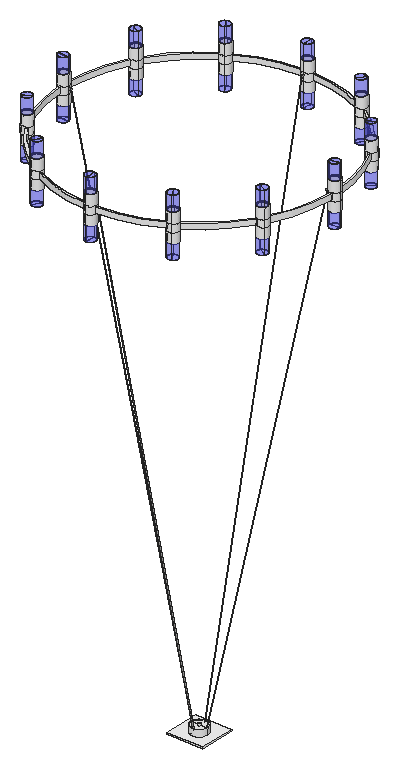
Revit family "BE_50882.1_de_DE", category Leuchten, Revit 2020
Family settings
  Basisbauteil = Fläche
  Bemaßung runder Anschluss = Durchmesser verwenden
  Teiletyp = Normal
  Beim Laden mit Abzugskörper schneiden = Ja
  Lichtquelle = Ja
  Gemeinsam genutzt = Nein
  Raumberechnungspunkt = Ja
Parameters (values of type "BEGA_50882.1_K4")
  built-in parameter 1150104 = 7.3115 (stored number, unit not read)
  Wattage = 388.8 W
  Default Elevation = 0 mm
  built-in parameter 1150113 = 1 (stored number, unit not read)
  built-in parameter 1114218 = 1 (stored number, unit not read)
  Umgebungstemperatur = "25 °C"
  URL = "https://www.bega.com/de/produkt/50882.1"
  Typenkommentare = "© 2022 BEGA. Wir behalten uns das Recht vor, technische Änderungen ohne vorherige Ankündigung vorzunehmen."  # constant formula
  built-in parameter 1150134 = 12
  built-in parameter 1150109 = 1 (stored number, unit not read)
  Strom = ""
  built-in parameter 1150110 = 1 (stored number, unit not read)
  Spannung = 239.996 V
  Sonderanfertigung = no
  Seriennummer [instance] = "Hier können Sie die eindeutige Seriennummer für das Facility Management eintragen."
  Schutzklasse = "I"
  Schutzart = "IP 20"
  Scheinlast = 0 VA
  Produktdatenblatt = "https://cdn.bega.com/bega/products/50882.1K3/current/documents/data-sheets/de"
  Oberflächentemperatur = ""
  Neigungswinkel = 0.00°
  Modell = "50882.1K4"
  Material_34 = BEGA_Oberfläche_Samtweiss_matt
  Material_17 = BEGA_Reflektor
  Material_15 = BEGA_Leuchtmedium_matt
  Material_11 = BEGA_Glas_opal
  Material_09 = BEGA_Glas_klar
  Material_06 = BEGA_Oberfläche_Edelstahl_gebürstet
  Material_03 = BEGA_Oberfläche_Weiss_matt
  Material_02 = BEGA_Oberfläche_Silber_matt
  Material_01 [instance] = BEGA_Oberfläche_Grafit_matt
  M_W = no
  M_G = no
  M_A = no
  Logo = 0
  built-in parameter 1114217 = 1 (stored number, unit not read)
  built-in parameter 1150139 = (empty or 0)
  built-in parameter 1150105 = 2435 (stored number, unit not read)
  built-in parameter 1150114 = 1 (stored number, unit not read)
  Lumens = 30598.6 lm
  built-in parameter 1150115 = 1 (stored number, unit not read)
  Leuchtenlichtstrom = "19380 lm"
  Leuchtenanzahl = ""
  Lebensdauerkriterien = "L70B50 @ 25 °C = 195000 h"
  Lastklassifizierung = Beleuchtung
  built-in parameter 1150112 = 1 (stored number, unit not read)
  Lampenlichtstrom = "30600 lm"
  Lampe = "LED 388.8 W"
  LED_Modulbezeichnung = "24x LED-0800/970"
  Hersteller = "BEGA"  # constant formula
  Halbstreuwinkel = ""
  Gewicht = "57.0 kg"
  Gebrauchslageneinschränkung [instance] = ""
  Frequenz = "50-60 Hz"
  Farbwiedergabeindex = "CRI > 90"
  Farbtemperaturverschiebung bei Dämpfen der Lampe = <Keine Auswahl>
  Farbtemperatur = "4000 K"
  Color Filter = 16777215
  built-in parameter 1150133 = 10 (stored number, unit not read)
  Energieeffizienzklasse = "LED A++ - A"
  built-in parameter 1150137 = (empty or 0)
  built-in parameter 1150132 = (empty or 0)
  ENEC = "ja"
  Dimmbar [instance] = "DALI"
  Datei für fotometrisches Netz = "BE_50882.1K4.IES"
  CE_Konformität = "ja"
  Bestellnummer = "50882.1K4"
  Beschreibung_Sonderanfertigung = "Hier können Sie Informationen zur Sonderanfertigung eintragen."
  Beschreibung = "Ringkrone"
  built-in parameter 1150106 = 24.35 (stored number, unit not read)
  Befestigungsbohrung = ""
  Befestigungsabstand = ""
  Ballwurfsicher = ""
  BEGA_Intern_aus = yes
  BEGA_Intern_an = yes
  BEGA_Intern_Konstruktion = yes
  BEGA_Intern = yes
  BEGA_IES = yes
  BEGA_Dummy = no
  Anschlussleitung = ""
  Anschlussleistung [instance] = "240 W"
  Anschlusskasten = ""
  built-in parameter 1150107 = 4000 (stored number, unit not read)
  built-in parameter 1150102 = (empty or 0)
  built-in parameter 1150138 = (empty or 0)
  Aktualisierung = "2022-05-19T04:00:07"
  Abstand_zur_angestrahlten_Fläche [instance] = ""
  AC/DC = "AC"
Reference planes
  plane 1 "Mitte (Vorne/Hinten)": y = 0
  plane 2: z = 0
  plane 3 "Mitte (Links/Rechts)": x = 0
  plane 4 "Links": x = -1549.75
  plane 5 "Rechts": x = 1549.75
  plane 6 "Unten": y = -1549.75
  plane 7 "Oben": y = 1549.75
  plane 8 "Vorne": z = 6126.179
  plane 9 "Hinten": z = 0
Forms (mm)
  Extrusion 1, solid, material "BEGA_Platte_Weiss"
    sketch origin (0, -1119.2, 0) x (1, 0, 0) y (0, 1, 0)
      loop
        line (-200, 1319.2) -> (-200, 919.2) -> (200, 919.2) -> (200, 1319.2) -> (-200, 1319.2)
    from 0 to -10
  Extrusion 2, solid, material "BEGA_Dummy_matt", visible <- "BEGA_Dummy"
    sketch origin (77.149, -76.023, 0) x (1, 0, 0) y (0, 1, 0)
      loop
        circle (-77.149, 76.023) r 1550
    from 0 to 6126.179
Dimensions and locks
  plane 1 "Mitte (Vorne/Hinten)" to Extrusion 1 = 200 mm
  aligned and locked: plane 2 to Extrusion 1
  aligned and locked: level to Extrusion 1
Nested families
  nested 1: "BE_50882.1" at (0, 0, 0), type "BE_50882.1"
Connectors
  electrical at (0, 0, 0), driven by "Lastklassifizierung", driven by "Spannung", driven by "Scheinlast"
    settings: index 1, voltage 239.996 V, apparent load 0 VA, apparent load phase1 0 VA, apparent load phase2 0 VA, apparent load phase3 0 VA, power factor 1, load classification "Beleuchtung", number of poles 1, system type 31, power factor state 1, is connector primary yes, connector utility no, sub classification motor no, connector description ""
Definition of nested family "BE_50882.1"
  Parameters (values of type "BE_50882.1")
    Default Elevation = 1 mm
    URL = "http://www.bega.de/de/produkt"
    Type Comments = "© 2015 BEGA. Wir behalten uns das Recht vor, technische Änderungen ohne vorherige Ankündigung vorzunehmen. "  # constant formula
    Type Image = (empty or 0)
    Neigungswinkel_um_Z2 = 0.00°
    Neigungswinkel_um_Z1 = 0.00°
    Neigungswinkel_um_Y2 = 0.00°
    Neigungswinkel_um_Y1 = 0.00°
    Neigungswinkel_um_X2 = 0.00°
    Neigungswinkel_um_X1 = 0.00°
    Material_34 = none
    Material_17 = none
    Material_15 = none
    Material_11 = none
    Material_09 = none
    Material_06 = none
    Material_01 = none
    Länge_Platte = 200 mm  # constant formula
    Höhe_Platte = -10 mm  # constant formula
    Manufacturer = "BEGA"  # constant formula
    Drehwinkel_um_Z2 = 0.00°
    Drehwinkel_um_Z1 = 0.00°
    Breite_Platte = 200 mm  # constant formula
  Reference planes
    plane 1 "Mitte (Oben/Unten)": y = 0
    plane 2: z = 0
    plane 3 "Mitte (Links/Rechts)": x = 0
    plane 4 "Hinten": z = 0
    plane 5: z = 6126.179
    plane 6: x = -1549.75
    plane 7: x = 1549.75
    plane 8: y = -1549.75
    plane 9: y = 1549.75
  Forms (mm)
    Extrusion 1, solid, detail levels medium
      sketch origin (0, 0, 0) x (1, 0, 0) y (0, 1, 0)
        loop
          line (-100, 100) -> (-100, -100) -> (100, -100) -> (100, 100) -> (-100, 100)
      from 0 to -10 <- "Höhe_Platte"
    Revolve 2, solid, material <- "Material_34"
      sketch origin (0, 0, 0) x (1, 0, 0) y (0, 0, 1)
        loop
          line (-93.5, 65) -> (-93.5, 0) -> (0, 0) -> (0, 11) -> (-91.5, 11) -> (-91.5, 63) -> (-11, 63) -> (-11, 65) -> (-93.5, 65)
        axis (0, 65) -> (0, 0)
      angle from 0 to 360
    Revolve 3, solid, material <- "Material_34"
      sketch origin (0, 0, 0) x (1, 0, 0) y (0, 0, 1)
        loop
          line (0, 75.25) -> (-14, 75.25) -> (-14, 65.25) -> (-10.9, 65.25) -> (-10.9, 59.75) -> (0, 59.75) -> (0, 75.25)
        axis (0, 75.25) -> (0, 59.75)
      angle from 0 to 360
    Revolve 4, solid, material <- "Material_06"
      sketch origin (0, 0, 0) x (1, 0, 0) y (0, 0, 1)
        loop
          line (-80.123, 60.113) -> (-78.905, 60.394) -> (-1406.676, 5823.533) -> (-1407.959, 5823.533) -> (-80.123, 60.113)
        axis (-80.123, 60.113) -> (-1407.959, 5823.533)
      angle from 0 to 360
    Revolve 5, solid, material <- "Material_06"
      sketch origin (0, 0, 0) x (0, -1, 0) y (0, 0, -1)
        loop
          line (-80.123, -60.113) -> (-1407.959, -5823.533) -> (-1406.676, -5823.533) -> (-78.905, -60.394) -> (-80.123, -60.113)
        axis (-80.123, -60.113) -> (-1407.959, -5823.533)
      angle from 0 to 360
    Revolve 6, solid, material <- "Material_06"
      sketch origin (0, 0, 0) x (0, 1, 0) y (0, 0, 1)
        loop
          line (-80.123, 60.113) -> (-78.905, 60.394) -> (-1406.676, 5823.533) -> (-1407.959, 5823.533) -> (-80.123, 60.113)
        axis (-80.123, 60.113) -> (-1407.959, 5823.533)
      angle from 0 to 360
    Revolve 7, solid, material <- "Material_06"
      sketch origin (0, 0, 0) x (-1, 0, 0) y (0, 0, 1)
        loop
          line (-80.123, 60.113) -> (-78.905, 60.394) -> (-1406.676, 5823.533) -> (-1407.959, 5823.533) -> (-80.123, 60.113)
        axis (-80.123, 60.113) -> (-1407.959, 5823.533)
      angle from 0 to 360
    Revolve 8, solid, material <- "Material_06"
      sketch origin (0, 0, 0) x (1, 0, 0) y (0, 0, 1)
        loop
          line (-1430.25, 5824.85) -> (-1430.25, 5817.2) -> (-1398.5, 5817.2) -> (-1398.5, 5824.85) -> (-1430.25, 5824.85)
        axis (-1398.5, 5817.2) -> (-1430.25, 5817.2)
      angle from 0 to 360
    Revolve 9, solid, material <- "Material_06"
      sketch origin (0, 0, 0) x (0, -1, 0) y (0, 0, -1)
        loop
          line (-1430.25, -5824.85) -> (-1398.5, -5824.85) -> (-1398.5, -5817.2) -> (-1430.25, -5817.2) -> (-1430.25, -5824.85)
        axis (-1398.5, -5817.2) -> (-1430.25, -5817.2)
      angle from 0 to 360
    Revolve 10, solid, material <- "Material_06"
      sketch origin (0, 0, 0) x (-1, 0, 0) y (0, 0, 1)
        loop
          line (-1430.25, 5824.85) -> (-1430.25, 5817.2) -> (-1398.5, 5817.2) -> (-1398.5, 5824.85) -> (-1430.25, 5824.85)
        axis (-1398.5, 5817.2) -> (-1430.25, 5817.2)
      angle from 0 to 360
    Revolve 11, solid, material <- "Material_06"
      sketch origin (0, 0, 0) x (0, 1, 0) y (0, 0, 1)
        loop
          line (-1430.25, 5824.85) -> (-1430.25, 5817.2) -> (-1398.5, 5817.2) -> (-1398.5, 5824.85) -> (-1430.25, 5824.85)
        axis (-1398.5, 5817.2) -> (-1430.25, 5817.2)
      angle from 0 to 360
    Revolve 12, solid, material <- "Material_34"
      sketch origin (0, 0, 0) x (1, 0, 0) y (0, 0, 1)
        loop
          line (-1500, 5834.2) -> (-1500, 5774.2) -> (-1479.924, 5774.2) -> (-1479.924, 5834.2) -> (-1500, 5834.2)
        axis (0, 5774.2) -> (0, 5834.2)
      angle from 0 to 360
    Revolve 13, solid, material <- "Material_34"
      sketch origin (0, 0, 0) x (0.866025, -0.5, 0) y (0, 0, 1)
        loop
          line (-1549.75, 5764.2) -> (-1545.457, 5764.2) -> (-1545.457, 5845.2) -> (-1549.75, 5845.2) -> (-1549.75, 5764.2)
        axis (-1490, 5764.2) -> (-1490, 5845.2)
      angle from 0 to 360
    Revolve 14, solid, material <- "Material_34"
      sketch origin (0, 0, 0) x (0.866025, -0.5, 0) y (0, 0, 1)
        loop
          line (-1549.5, 5956.2) -> (-1549.5, 5845.2) -> (-1544.633, 5845.2) -> (-1544.633, 5956.2) -> (-1549.5, 5956.2)
        loop
          line (-1549.5, 5653.2) -> (-1544.633, 5653.2) -> (-1544.633, 5764.2) -> (-1549.5, 5764.2) -> (-1549.5, 5653.2)
        axis (-1490, 5653.2) -> (-1490, 5956.2)
      angle from 0 to 360
    Revolve 15, solid, material <- "Material_11"
      sketch origin (0, 0, 0) x (0.866025, -0.5, 0) y (0, 0, 1)
        loop
          arc (-1546.5, 6122.993) -> (-1518.375, 6119.01) -> (-1490, 6117.679) r 303
          line (-1490, 6117.679) -> (-1490, 6120.679)
          arc (-1490, 6120.679) -> (-1515.593, 6121.772) -> (-1541, 6125.046) r 300
          line (-1541, 6125.046) -> (-1541.654, 6126.179) -> (-1548.5, 6126.179)
          arc (-1548.5, 6126.179) -> (-1549.207, 6125.886) -> (-1549.5, 6125.179) r 1
          line (-1549.5, 6125.179) -> (-1549.5, 5958.402)
          arc (-1549.5, 5958.402) -> (-1549.09, 5957.372) -> (-1548.085, 5956.905) r 1.5
          line (-1548.085, 5956.905) -> (-1542.016, 5956.586) -> (-1541.488, 5947.979) -> (-1538.546, 5947.979) -> (-1539.004, 5956.743)
          arc (-1539.004, 5956.743) -> (-1539.879, 5958.707) -> (-1541.843, 5959.582) r 3
          line (-1541.843, 5959.582) -> (-1545.552, 5959.776)
          arc (-1545.552, 5959.776) -> (-1546.225, 5960.086) -> (-1546.5, 5960.775) r 1
          line (-1546.5, 5960.775) -> (-1546.5, 6122.993)
        loop
          line (-1546.5, 5486.407) -> (-1546.5, 5648.626)
          arc (-1546.5, 5648.626) -> (-1546.225, 5649.314) -> (-1545.552, 5649.624) r 1
          line (-1545.552, 5649.624) -> (-1541.843, 5649.819)
          arc (-1541.843, 5649.819) -> (-1539.879, 5650.693) -> (-1539.004, 5652.658) r 3
          line (-1539.004, 5652.658) -> (-1538.546, 5661.421) -> (-1541.488, 5661.421) -> (-1542.016, 5652.814) -> (-1548.085, 5652.496)
          arc (-1548.085, 5652.496) -> (-1549.09, 5652.028) -> (-1549.5, 5650.998) r 1.5
          line (-1549.5, 5650.998) -> (-1549.5, 5484.221)
          arc (-1549.5, 5484.221) -> (-1549.207, 5483.514) -> (-1548.5, 5483.221) r 1
          line (-1548.5, 5483.221) -> (-1541.654, 5483.221) -> (-1541, 5484.355)
          arc (-1541, 5484.355) -> (-1515.593, 5487.628) -> (-1490, 5488.721) r 300
          line (-1490, 5488.721) -> (-1490, 5491.721)
          arc (-1490, 5491.721) -> (-1518.375, 5490.39) -> (-1546.5, 5486.407) r 303
        axis (-1490, 5483.221) -> (-1490, 6126.179)
      angle from 0 to 360
    Revolve 16, solid, material <- "Material_34"
      sketch origin (0, 0, 0) x (0.5, 0.866025, 0) y (0, 0, -1)
        loop
          line (-1549.75, -5764.2) -> (-1549.75, -5845.2) -> (-1545.457, -5845.2) -> (-1545.457, -5764.2) -> (-1549.75, -5764.2)
        axis (-1490, -5764.2) -> (-1490, -5845.2)
      angle from 0 to 360
    Revolve 17, solid, material <- "Material_34"
      sketch origin (0, 0, 0) x (0.5, 0.866025, 0) y (0, 0, -1)
        loop
          line (-1549.5, -5956.2) -> (-1544.633, -5956.2) -> (-1544.633, -5845.2) -> (-1549.5, -5845.2) -> (-1549.5, -5956.2)
        loop
          line (-1549.5, -5653.2) -> (-1549.5, -5764.2) -> (-1544.633, -5764.2) -> (-1544.633, -5653.2) -> (-1549.5, -5653.2)
        axis (-1490, -5653.2) -> (-1490, -5956.2)
      angle from 0 to 360
    Revolve 18, solid, material <- "Material_11"
      sketch origin (0, 0, 0) x (0.5, 0.866025, 0) y (0, 0, -1)
        loop
          line (-1546.5, -6122.993) -> (-1546.5, -5960.775)
          arc (-1546.5, -5960.775) -> (-1546.225, -5960.086) -> (-1545.552, -5959.776) r 1
          line (-1545.552, -5959.776) -> (-1541.843, -5959.582)
          arc (-1541.843, -5959.582) -> (-1539.879, -5958.707) -> (-1539.004, -5956.743) r 3
          line (-1539.004, -5956.743) -> (-1538.546, -5947.979) -> (-1541.488, -5947.979) -> (-1542.016, -5956.586) -> (-1548.085, -5956.905)
          arc (-1548.085, -5956.905) -> (-1549.09, -5957.372) -> (-1549.5, -5958.402) r 1.5
          line (-1549.5, -5958.402) -> (-1549.5, -6125.179)
          arc (-1549.5, -6125.179) -> (-1549.207, -6125.886) -> (-1548.5, -6126.179) r 1
          line (-1548.5, -6126.179) -> (-1541.654, -6126.179) -> (-1541, -6125.046)
          arc (-1541, -6125.046) -> (-1515.593, -6121.772) -> (-1490, -6120.679) r 300
          line (-1490, -6120.679) -> (-1490, -6117.679)
          arc (-1490, -6117.679) -> (-1518.375, -6119.01) -> (-1546.5, -6122.993) r 303
        loop
          arc (-1546.5, -5486.407) -> (-1518.375, -5490.39) -> (-1490, -5491.721) r 303
          line (-1490, -5491.721) -> (-1490, -5488.721)
          arc (-1490, -5488.721) -> (-1515.593, -5487.628) -> (-1541, -5484.355) r 300
          line (-1541, -5484.355) -> (-1541.654, -5483.221) -> (-1548.5, -5483.221)
          arc (-1548.5, -5483.221) -> (-1549.207, -5483.514) -> (-1549.5, -5484.221) r 1
          line (-1549.5, -5484.221) -> (-1549.5, -5650.998)
          arc (-1549.5, -5650.998) -> (-1549.09, -5652.028) -> (-1548.085, -5652.496) r 1.5
          line (-1548.085, -5652.496) -> (-1542.016, -5652.814) -> (-1541.488, -5661.421) -> (-1538.546, -5661.421) -> (-1539.004, -5652.658)
          arc (-1539.004, -5652.658) -> (-1539.879, -5650.693) -> (-1541.843, -5649.819) r 3
          line (-1541.843, -5649.819) -> (-1545.552, -5649.624)
          arc (-1545.552, -5649.624) -> (-1546.225, -5649.314) -> (-1546.5, -5648.626) r 1
          line (-1546.5, -5648.626) -> (-1546.5, -5486.407)
        axis (-1490, -5483.221) -> (-1490, -6126.179)
      angle from 0 to 360
    Revolve 19, solid, material <- "Material_34"
      sketch origin (0.25, 0, 0) x (-1, 0, 0) y (0, 0, 1)
        loop
          line (-1549.75, 5764.2) -> (-1545.457, 5764.2) -> (-1545.457, 5845.2) -> (-1549.75, 5845.2) -> (-1549.75, 5764.2)
        axis (-1490, 5764.2) -> (-1490, 5845.2)
      angle from 0 to 360
    Revolve 20, solid, material <- "Material_34"
      sketch origin (0.25, 0, 0) x (-1, 0, 0) y (0, 0, 1)
        loop
          line (-1549.5, 5956.2) -> (-1549.5, 5845.2) -> (-1544.633, 5845.2) -> (-1544.633, 5956.2) -> (-1549.5, 5956.2)
        loop
          line (-1549.5, 5653.2) -> (-1544.633, 5653.2) -> (-1544.633, 5764.2) -> (-1549.5, 5764.2) -> (-1549.5, 5653.2)
        axis (-1490, 5653.2) -> (-1490, 5956.2)
      angle from 0 to 360
    Revolve 21, solid, material <- "Material_11"
      sketch origin (0.25, 0, 0) x (-1, 0, 0) y (0, 0, 1)
        loop
          arc (-1546.5, 6122.993) -> (-1518.375, 6119.01) -> (-1490, 6117.679) r 303
          line (-1490, 6117.679) -> (-1490, 6120.679)
          arc (-1490, 6120.679) -> (-1515.593, 6121.772) -> (-1541, 6125.046) r 300
          line (-1541, 6125.046) -> (-1541.654, 6126.179) -> (-1548.5, 6126.179)
          arc (-1548.5, 6126.179) -> (-1549.207, 6125.886) -> (-1549.5, 6125.179) r 1
          line (-1549.5, 6125.179) -> (-1549.5, 5958.402)
          arc (-1549.5, 5958.402) -> (-1549.09, 5957.372) -> (-1548.085, 5956.905) r 1.5
          line (-1548.085, 5956.905) -> (-1542.016, 5956.586) -> (-1541.488, 5947.979) -> (-1538.546, 5947.979) -> (-1539.004, 5956.743)
          arc (-1539.004, 5956.743) -> (-1539.879, 5958.707) -> (-1541.843, 5959.582) r 3
          line (-1541.843, 5959.582) -> (-1545.552, 5959.776)
          arc (-1545.552, 5959.776) -> (-1546.225, 5960.086) -> (-1546.5, 5960.775) r 1
          line (-1546.5, 5960.775) -> (-1546.5, 6122.993)
        loop
          line (-1546.5, 5486.407) -> (-1546.5, 5648.626)
          arc (-1546.5, 5648.626) -> (-1546.225, 5649.314) -> (-1545.552, 5649.624) r 1
          line (-1545.552, 5649.624) -> (-1541.843, 5649.819)
          arc (-1541.843, 5649.819) -> (-1539.879, 5650.693) -> (-1539.004, 5652.658) r 3
          line (-1539.004, 5652.658) -> (-1538.546, 5661.421) -> (-1541.488, 5661.421) -> (-1542.016, 5652.814) -> (-1548.085, 5652.496)
          arc (-1548.085, 5652.496) -> (-1549.09, 5652.028) -> (-1549.5, 5650.998) r 1.5
          line (-1549.5, 5650.998) -> (-1549.5, 5484.221)
          arc (-1549.5, 5484.221) -> (-1549.207, 5483.514) -> (-1548.5, 5483.221) r 1
          line (-1548.5, 5483.221) -> (-1541.654, 5483.221) -> (-1541, 5484.355)
          arc (-1541, 5484.355) -> (-1515.593, 5487.628) -> (-1490, 5488.721) r 300
          line (-1490, 5488.721) -> (-1490, 5491.721)
          arc (-1490, 5491.721) -> (-1518.375, 5490.39) -> (-1546.5, 5486.407) r 303
        axis (-1490, 5483.221) -> (-1490, 6126.179)
      angle from 0 to 360
    Revolve 22, solid, material <- "Material_34"
      sketch origin (0, 0, 0) x (0, -1, 0) y (0, 0, 1)
        loop
          line (-1549.75, 5764.2) -> (-1545.457, 5764.2) -> (-1545.457, 5845.2) -> (-1549.75, 5845.2) -> (-1549.75, 5764.2)
        axis (-1490, 5764.2) -> (-1490, 5845.2)
      angle from 0 to 360
    Revolve 23, solid, material <- "Material_34"
      sketch origin (0, 0, 0) x (0, -1, 0) y (0, 0, 1)
        loop
          line (-1549.5, 5956.2) -> (-1549.5, 5845.2) -> (-1544.633, 5845.2) -> (-1544.633, 5956.2) -> (-1549.5, 5956.2)
        loop
          line (-1549.5, 5653.2) -> (-1544.633, 5653.2) -> (-1544.633, 5764.2) -> (-1549.5, 5764.2) -> (-1549.5, 5653.2)
        axis (-1490, 5653.2) -> (-1490, 5956.2)
      angle from 0 to 360
    Revolve 24, solid, material <- "Material_11"
      sketch origin (0, 0, 0) x (0, -1, 0) y (0, 0, 1)
        loop
          arc (-1546.5, 6122.993) -> (-1518.375, 6119.01) -> (-1490, 6117.679) r 303
          line (-1490, 6117.679) -> (-1490, 6120.679)
          arc (-1490, 6120.679) -> (-1515.593, 6121.772) -> (-1541, 6125.046) r 300
          line (-1541, 6125.046) -> (-1541.654, 6126.179) -> (-1548.5, 6126.179)
          arc (-1548.5, 6126.179) -> (-1549.207, 6125.886) -> (-1549.5, 6125.179) r 1
          line (-1549.5, 6125.179) -> (-1549.5, 5958.402)
          arc (-1549.5, 5958.402) -> (-1549.09, 5957.372) -> (-1548.085, 5956.905) r 1.5
          line (-1548.085, 5956.905) -> (-1542.016, 5956.586) -> (-1541.488, 5947.979) -> (-1538.546, 5947.979) -> (-1539.004, 5956.743)
          arc (-1539.004, 5956.743) -> (-1539.879, 5958.707) -> (-1541.843, 5959.582) r 3
          line (-1541.843, 5959.582) -> (-1545.552, 5959.776)
          arc (-1545.552, 5959.776) -> (-1546.225, 5960.086) -> (-1546.5, 5960.775) r 1
          line (-1546.5, 5960.775) -> (-1546.5, 6122.993)
        loop
          line (-1546.5, 5486.407) -> (-1546.5, 5648.626)
          arc (-1546.5, 5648.626) -> (-1546.225, 5649.314) -> (-1545.552, 5649.624) r 1
          line (-1545.552, 5649.624) -> (-1541.843, 5649.819)
          arc (-1541.843, 5649.819) -> (-1539.879, 5650.693) -> (-1539.004, 5652.658) r 3
          line (-1539.004, 5652.658) -> (-1538.546, 5661.421) -> (-1541.488, 5661.421) -> (-1542.016, 5652.814) -> (-1548.085, 5652.496)
          arc (-1548.085, 5652.496) -> (-1549.09, 5652.028) -> (-1549.5, 5650.998) r 1.5
          line (-1549.5, 5650.998) -> (-1549.5, 5484.221)
          arc (-1549.5, 5484.221) -> (-1549.207, 5483.514) -> (-1548.5, 5483.221) r 1
          line (-1548.5, 5483.221) -> (-1541.654, 5483.221) -> (-1541, 5484.355)
          arc (-1541, 5484.355) -> (-1515.593, 5487.628) -> (-1490, 5488.721) r 300
          line (-1490, 5488.721) -> (-1490, 5491.721)
          arc (-1490, 5491.721) -> (-1518.375, 5490.39) -> (-1546.5, 5486.407) r 303
        axis (-1490, 5483.221) -> (-1490, 6126.179)
      angle from 0 to 360
    Revolve 25, solid, material <- "Material_34"
      sketch origin (0, 0, 0) x (0.866025, 0.5, 0) y (0, 0, -1)
        loop
          line (-1549.75, -5764.2) -> (-1549.75, -5845.2) -> (-1545.457, -5845.2) -> (-1545.457, -5764.2) -> (-1549.75, -5764.2)
        axis (-1490, -5764.2) -> (-1490, -5845.2)
      angle from 0 to 360
    Revolve 26, solid, material <- "Material_34"
      sketch origin (0, 0, 0) x (0.866025, 0.5, 0) y (0, 0, -1)
        loop
          line (-1549.5, -5956.2) -> (-1544.633, -5956.2) -> (-1544.633, -5845.2) -> (-1549.5, -5845.2) -> (-1549.5, -5956.2)
        loop
          line (-1549.5, -5653.2) -> (-1549.5, -5764.2) -> (-1544.633, -5764.2) -> (-1544.633, -5653.2) -> (-1549.5, -5653.2)
        axis (-1490, -5653.2) -> (-1490, -5956.2)
      angle from 0 to 360
    Revolve 27, solid, material <- "Material_11"
      sketch origin (0, 0, 0) x (0.866025, 0.5, 0) y (0, 0, -1)
        loop
          line (-1546.5, -6122.993) -> (-1546.5, -5960.775)
          arc (-1546.5, -5960.775) -> (-1546.225, -5960.086) -> (-1545.552, -5959.776) r 1
          line (-1545.552, -5959.776) -> (-1541.843, -5959.582)
          arc (-1541.843, -5959.582) -> (-1539.879, -5958.707) -> (-1539.004, -5956.743) r 3
          line (-1539.004, -5956.743) -> (-1538.546, -5947.979) -> (-1541.488, -5947.979) -> (-1542.016, -5956.586) -> (-1548.085, -5956.905)
          arc (-1548.085, -5956.905) -> (-1549.09, -5957.372) -> (-1549.5, -5958.402) r 1.5
          line (-1549.5, -5958.402) -> (-1549.5, -6125.179)
          arc (-1549.5, -6125.179) -> (-1549.207, -6125.886) -> (-1548.5, -6126.179) r 1
          line (-1548.5, -6126.179) -> (-1541.654, -6126.179) -> (-1541, -6125.046)
          arc (-1541, -6125.046) -> (-1515.593, -6121.772) -> (-1490, -6120.679) r 300
          line (-1490, -6120.679) -> (-1490, -6117.679)
          arc (-1490, -6117.679) -> (-1518.375, -6119.01) -> (-1546.5, -6122.993) r 303
        loop
          arc (-1546.5, -5486.407) -> (-1518.375, -5490.39) -> (-1490, -5491.721) r 303
          line (-1490, -5491.721) -> (-1490, -5488.721)
          arc (-1490, -5488.721) -> (-1515.593, -5487.628) -> (-1541, -5484.355) r 300
          line (-1541, -5484.355) -> (-1541.654, -5483.221) -> (-1548.5, -5483.221)
          arc (-1548.5, -5483.221) -> (-1549.207, -5483.514) -> (-1549.5, -5484.221) r 1
          line (-1549.5, -5484.221) -> (-1549.5, -5650.998)
          arc (-1549.5, -5650.998) -> (-1549.09, -5652.028) -> (-1548.085, -5652.496) r 1.5
          line (-1548.085, -5652.496) -> (-1542.016, -5652.814) -> (-1541.488, -5661.421) -> (-1538.546, -5661.421) -> (-1539.004, -5652.658)
          arc (-1539.004, -5652.658) -> (-1539.879, -5650.693) -> (-1541.843, -5649.819) r 3
          line (-1541.843, -5649.819) -> (-1545.552, -5649.624)
          arc (-1545.552, -5649.624) -> (-1546.225, -5649.314) -> (-1546.5, -5648.626) r 1
          line (-1546.5, -5648.626) -> (-1546.5, -5486.407)
        axis (-1490, -5483.221) -> (-1490, -6126.179)
      angle from 0 to 360
    Revolve 28, solid, material <- "Material_34"
      sketch origin (2.5, 0, 0) x (-0.866025, -0.5, 0) y (0, 0, -1)
        loop
          line (-1549.75, -5764.2) -> (-1549.75, -5845.2) -> (-1545.457, -5845.2) -> (-1545.457, -5764.2) -> (-1549.75, -5764.2)
        axis (-1490, -5764.2) -> (-1490, -5845.2)
      angle from 0 to 360
    Revolve 29, solid, material <- "Material_34"
      sketch origin (2.5, 0, 0) x (-0.866025, -0.5, 0) y (0, 0, -1)
        loop
          line (-1549.5, -5956.2) -> (-1544.633, -5956.2) -> (-1544.633, -5845.2) -> (-1549.5, -5845.2) -> (-1549.5, -5956.2)
        loop
          line (-1549.5, -5653.2) -> (-1549.5, -5764.2) -> (-1544.633, -5764.2) -> (-1544.633, -5653.2) -> (-1549.5, -5653.2)
        axis (-1490, -5653.2) -> (-1490, -5956.2)
      angle from 0 to 360
    Revolve 30, solid, material <- "Material_11"
      sketch origin (2.5, 0, 0) x (-0.866025, -0.5, 0) y (0, 0, -1)
        loop
          line (-1546.5, -6122.993) -> (-1546.5, -5960.775)
          arc (-1546.5, -5960.775) -> (-1546.225, -5960.086) -> (-1545.552, -5959.776) r 1
          line (-1545.552, -5959.776) -> (-1541.843, -5959.582)
          arc (-1541.843, -5959.582) -> (-1539.879, -5958.707) -> (-1539.004, -5956.743) r 3
          line (-1539.004, -5956.743) -> (-1538.546, -5947.979) -> (-1541.488, -5947.979) -> (-1542.016, -5956.586) -> (-1548.085, -5956.905)
          arc (-1548.085, -5956.905) -> (-1549.09, -5957.372) -> (-1549.5, -5958.402) r 1.5
          line (-1549.5, -5958.402) -> (-1549.5, -6125.179)
          arc (-1549.5, -6125.179) -> (-1549.207, -6125.886) -> (-1548.5, -6126.179) r 1
          line (-1548.5, -6126.179) -> (-1541.654, -6126.179) -> (-1541, -6125.046)
          arc (-1541, -6125.046) -> (-1515.593, -6121.772) -> (-1490, -6120.679) r 300
          line (-1490, -6120.679) -> (-1490, -6117.679)
          arc (-1490, -6117.679) -> (-1518.375, -6119.01) -> (-1546.5, -6122.993) r 303
        loop
          arc (-1546.5, -5486.407) -> (-1518.375, -5490.39) -> (-1490, -5491.721) r 303
          line (-1490, -5491.721) -> (-1490, -5488.721)
          arc (-1490, -5488.721) -> (-1515.593, -5487.628) -> (-1541, -5484.355) r 300
          line (-1541, -5484.355) -> (-1541.654, -5483.221) -> (-1548.5, -5483.221)
          arc (-1548.5, -5483.221) -> (-1549.207, -5483.514) -> (-1549.5, -5484.221) r 1
          line (-1549.5, -5484.221) -> (-1549.5, -5650.998)
          arc (-1549.5, -5650.998) -> (-1549.09, -5652.028) -> (-1548.085, -5652.496) r 1.5
          line (-1548.085, -5652.496) -> (-1542.016, -5652.814) -> (-1541.488, -5661.421) -> (-1538.546, -5661.421) -> (-1539.004, -5652.658)
          arc (-1539.004, -5652.658) -> (-1539.879, -5650.693) -> (-1541.843, -5649.819) r 3
          line (-1541.843, -5649.819) -> (-1545.552, -5649.624)
          arc (-1545.552, -5649.624) -> (-1546.225, -5649.314) -> (-1546.5, -5648.626) r 1
          line (-1546.5, -5648.626) -> (-1546.5, -5486.407)
        axis (-1490, -5483.221) -> (-1490, -6126.179)
      angle from 0 to 360
    Revolve 31, solid, material <- "Material_34"
      sketch origin (2.5, 0, 0) x (-0.866025, 0.5, 0) y (0, 0, 1)
        loop
          line (-1549.75, 5764.2) -> (-1545.457, 5764.2) -> (-1545.457, 5845.2) -> (-1549.75, 5845.2) -> (-1549.75, 5764.2)
        axis (-1490, 5764.2) -> (-1490, 5845.2)
      angle from 0 to 360
    Revolve 32, solid, material <- "Material_34"
      sketch origin (2.5, 0, 0) x (-0.866025, 0.5, 0) y (0, 0, 1)
        loop
          line (-1549.5, 5956.2) -> (-1549.5, 5845.2) -> (-1544.633, 5845.2) -> (-1544.633, 5956.2) -> (-1549.5, 5956.2)
        loop
          line (-1549.5, 5653.2) -> (-1544.633, 5653.2) -> (-1544.633, 5764.2) -> (-1549.5, 5764.2) -> (-1549.5, 5653.2)
        axis (-1490, 5653.2) -> (-1490, 5956.2)
      angle from 0 to 360
    Revolve 33, solid, material <- "Material_11"
      sketch origin (2.5, 0, 0) x (-0.866025, 0.5, 0) y (0, 0, 1)
        loop
          arc (-1546.5, 6122.993) -> (-1518.375, 6119.01) -> (-1490, 6117.679) r 303
          line (-1490, 6117.679) -> (-1490, 6120.679)
          arc (-1490, 6120.679) -> (-1515.593, 6121.772) -> (-1541, 6125.046) r 300
          line (-1541, 6125.046) -> (-1541.654, 6126.179) -> (-1548.5, 6126.179)
          arc (-1548.5, 6126.179) -> (-1549.207, 6125.886) -> (-1549.5, 6125.179) r 1
          line (-1549.5, 6125.179) -> (-1549.5, 5958.402)
          arc (-1549.5, 5958.402) -> (-1549.09, 5957.372) -> (-1548.085, 5956.905) r 1.5
          line (-1548.085, 5956.905) -> (-1542.016, 5956.586) -> (-1541.488, 5947.979) -> (-1538.546, 5947.979) -> (-1539.004, 5956.743)
          arc (-1539.004, 5956.743) -> (-1539.879, 5958.707) -> (-1541.843, 5959.582) r 3
          line (-1541.843, 5959.582) -> (-1545.552, 5959.776)
          arc (-1545.552, 5959.776) -> (-1546.225, 5960.086) -> (-1546.5, 5960.775) r 1
          line (-1546.5, 5960.775) -> (-1546.5, 6122.993)
        loop
          line (-1546.5, 5486.407) -> (-1546.5, 5648.626)
          arc (-1546.5, 5648.626) -> (-1546.225, 5649.314) -> (-1545.552, 5649.624) r 1
          line (-1545.552, 5649.624) -> (-1541.843, 5649.819)
          arc (-1541.843, 5649.819) -> (-1539.879, 5650.693) -> (-1539.004, 5652.658) r 3
          line (-1539.004, 5652.658) -> (-1538.546, 5661.421) -> (-1541.488, 5661.421) -> (-1542.016, 5652.814) -> (-1548.085, 5652.496)
          arc (-1548.085, 5652.496) -> (-1549.09, 5652.028) -> (-1549.5, 5650.998) r 1.5
          line (-1549.5, 5650.998) -> (-1549.5, 5484.221)
          arc (-1549.5, 5484.221) -> (-1549.207, 5483.514) -> (-1548.5, 5483.221) r 1
          line (-1548.5, 5483.221) -> (-1541.654, 5483.221) -> (-1541, 5484.355)
          arc (-1541, 5484.355) -> (-1515.593, 5487.628) -> (-1490, 5488.721) r 300
          line (-1490, 5488.721) -> (-1490, 5491.721)
          arc (-1490, 5491.721) -> (-1518.375, 5490.39) -> (-1546.5, 5486.407) r 303
        axis (-1490, 5483.221) -> (-1490, 6126.179)
      angle from 0 to 360
    Revolve 34, solid, material <- "Material_34"
      sketch origin (0, 0, 0) x (1, 0, 0) y (0, 0, 1)
        loop
          line (-1549.75, 5764.2) -> (-1545.457, 5764.2) -> (-1545.457, 5845.2) -> (-1549.75, 5845.2) -> (-1549.75, 5764.2)
        axis (-1490, 5764.2) -> (-1490, 5845.2)
      angle from 0 to 360
    Revolve 35, solid, material <- "Material_34"
      sketch origin (0, 0, 0) x (1, 0, 0) y (0, 0, 1)
        loop
          line (-1549.5, 5956.2) -> (-1549.5, 5845.2) -> (-1544.633, 5845.2) -> (-1544.633, 5956.2) -> (-1549.5, 5956.2)
        loop
          line (-1549.5, 5653.2) -> (-1544.633, 5653.2) -> (-1544.633, 5764.2) -> (-1549.5, 5764.2) -> (-1549.5, 5653.2)
        axis (-1490, 5653.2) -> (-1490, 5956.2)
      angle from 0 to 360
    Revolve 36, solid, material <- "Material_11"
      sketch origin (0, 0, 0) x (1, 0, 0) y (0, 0, 1)
        loop
          arc (-1546.5, 6122.993) -> (-1518.375, 6119.01) -> (-1490, 6117.679) r 303
          line (-1490, 6117.679) -> (-1490, 6120.679)
          arc (-1490, 6120.679) -> (-1515.593, 6121.772) -> (-1541, 6125.046) r 300
          line (-1541, 6125.046) -> (-1541.654, 6126.179) -> (-1548.5, 6126.179)
          arc (-1548.5, 6126.179) -> (-1549.207, 6125.886) -> (-1549.5, 6125.179) r 1
          line (-1549.5, 6125.179) -> (-1549.5, 5958.402)
          arc (-1549.5, 5958.402) -> (-1549.09, 5957.372) -> (-1548.085, 5956.905) r 1.5
          line (-1548.085, 5956.905) -> (-1542.016, 5956.586) -> (-1541.488, 5947.979) -> (-1538.546, 5947.979) -> (-1539.004, 5956.743)
          arc (-1539.004, 5956.743) -> (-1539.879, 5958.707) -> (-1541.843, 5959.582) r 3
          line (-1541.843, 5959.582) -> (-1545.552, 5959.776)
          arc (-1545.552, 5959.776) -> (-1546.225, 5960.086) -> (-1546.5, 5960.775) r 1
          line (-1546.5, 5960.775) -> (-1546.5, 6122.993)
        loop
          line (-1546.5, 5486.407) -> (-1546.5, 5648.626)
          arc (-1546.5, 5648.626) -> (-1546.225, 5649.314) -> (-1545.552, 5649.624) r 1
          line (-1545.552, 5649.624) -> (-1541.843, 5649.819)
          arc (-1541.843, 5649.819) -> (-1539.879, 5650.693) -> (-1539.004, 5652.658) r 3
          line (-1539.004, 5652.658) -> (-1538.546, 5661.421) -> (-1541.488, 5661.421) -> (-1542.016, 5652.814) -> (-1548.085, 5652.496)
          arc (-1548.085, 5652.496) -> (-1549.09, 5652.028) -> (-1549.5, 5650.998) r 1.5
          line (-1549.5, 5650.998) -> (-1549.5, 5484.221)
          arc (-1549.5, 5484.221) -> (-1549.207, 5483.514) -> (-1548.5, 5483.221) r 1
          line (-1548.5, 5483.221) -> (-1541.654, 5483.221) -> (-1541, 5484.355)
          arc (-1541, 5484.355) -> (-1515.593, 5487.628) -> (-1490, 5488.721) r 300
          line (-1490, 5488.721) -> (-1490, 5491.721)
          arc (-1490, 5491.721) -> (-1518.375, 5490.39) -> (-1546.5, 5486.407) r 303
        axis (-1490, 5483.221) -> (-1490, 6126.179)
      angle from 0 to 360
    Revolve 37, solid, material <- "Material_34"
      sketch origin (2.5, 0, 0) x (-0.5, 0.866025, 0) y (0, 0, 1)
        loop
          line (-1549.75, 5764.2) -> (-1545.457, 5764.2) -> (-1545.457, 5845.2) -> (-1549.75, 5845.2) -> (-1549.75, 5764.2)
        axis (-1490, 5764.2) -> (-1490, 5845.2)
      angle from 0 to 360
    Revolve 38, solid, material <- "Material_34"
      sketch origin (2.5, 0, 0) x (-0.5, 0.866025, 0) y (0, 0, 1)
        loop
          line (-1549.5, 5956.2) -> (-1549.5, 5845.2) -> (-1544.633, 5845.2) -> (-1544.633, 5956.2) -> (-1549.5, 5956.2)
        loop
          line (-1549.5, 5653.2) -> (-1544.633, 5653.2) -> (-1544.633, 5764.2) -> (-1549.5, 5764.2) -> (-1549.5, 5653.2)
        axis (-1490, 5653.2) -> (-1490, 5956.2)
      angle from 0 to 360
    Revolve 39, solid, material <- "Material_11"
      sketch origin (2.5, 0, 0) x (-0.5, 0.866025, 0) y (0, 0, 1)
        loop
          arc (-1546.5, 6122.993) -> (-1518.375, 6119.01) -> (-1490, 6117.679) r 303
          line (-1490, 6117.679) -> (-1490, 6120.679)
          arc (-1490, 6120.679) -> (-1515.593, 6121.772) -> (-1541, 6125.046) r 300
          line (-1541, 6125.046) -> (-1541.654, 6126.179) -> (-1548.5, 6126.179)
          arc (-1548.5, 6126.179) -> (-1549.207, 6125.886) -> (-1549.5, 6125.179) r 1
          line (-1549.5, 6125.179) -> (-1549.5, 5958.402)
          arc (-1549.5, 5958.402) -> (-1549.09, 5957.372) -> (-1548.085, 5956.905) r 1.5
          line (-1548.085, 5956.905) -> (-1542.016, 5956.586) -> (-1541.488, 5947.979) -> (-1538.546, 5947.979) -> (-1539.004, 5956.743)
          arc (-1539.004, 5956.743) -> (-1539.879, 5958.707) -> (-1541.843, 5959.582) r 3
          line (-1541.843, 5959.582) -> (-1545.552, 5959.776)
          arc (-1545.552, 5959.776) -> (-1546.225, 5960.086) -> (-1546.5, 5960.775) r 1
          line (-1546.5, 5960.775) -> (-1546.5, 6122.993)
        loop
          line (-1546.5, 5486.407) -> (-1546.5, 5648.626)
          arc (-1546.5, 5648.626) -> (-1546.225, 5649.314) -> (-1545.552, 5649.624) r 1
          line (-1545.552, 5649.624) -> (-1541.843, 5649.819)
          arc (-1541.843, 5649.819) -> (-1539.879, 5650.693) -> (-1539.004, 5652.658) r 3
          line (-1539.004, 5652.658) -> (-1538.546, 5661.421) -> (-1541.488, 5661.421) -> (-1542.016, 5652.814) -> (-1548.085, 5652.496)
          arc (-1548.085, 5652.496) -> (-1549.09, 5652.028) -> (-1549.5, 5650.998) r 1.5
          line (-1549.5, 5650.998) -> (-1549.5, 5484.221)
          arc (-1549.5, 5484.221) -> (-1549.207, 5483.514) -> (-1548.5, 5483.221) r 1
          line (-1548.5, 5483.221) -> (-1541.654, 5483.221) -> (-1541, 5484.355)
          arc (-1541, 5484.355) -> (-1515.593, 5487.628) -> (-1490, 5488.721) r 300
          line (-1490, 5488.721) -> (-1490, 5491.721)
          arc (-1490, 5491.721) -> (-1518.375, 5490.39) -> (-1546.5, 5486.407) r 303
        axis (-1490, 5483.221) -> (-1490, 6126.179)
      angle from 0 to 360
    Revolve 40, solid, material <- "Material_34"
      sketch origin (0, 0, 0) x (0.5, -0.866025, 0) y (0, 0, 1)
        loop
          line (-1549.75, 5764.2) -> (-1545.457, 5764.2) -> (-1545.457, 5845.2) -> (-1549.75, 5845.2) -> (-1549.75, 5764.2)
        axis (-1490, 5764.2) -> (-1490, 5845.2)
      angle from 0 to 360
    Revolve 41, solid, material <- "Material_34"
      sketch origin (0, 0, 0) x (0.5, -0.866025, 0) y (0, 0, 1)
        loop
          line (-1549.5, 5956.2) -> (-1549.5, 5845.2) -> (-1544.633, 5845.2) -> (-1544.633, 5956.2) -> (-1549.5, 5956.2)
        loop
          line (-1549.5, 5653.2) -> (-1544.633, 5653.2) -> (-1544.633, 5764.2) -> (-1549.5, 5764.2) -> (-1549.5, 5653.2)
        axis (-1490, 5653.2) -> (-1490, 5956.2)
      angle from 0 to 360
    Revolve 42, solid, material <- "Material_11"
      sketch origin (0, 0, 0) x (0.5, -0.866025, 0) y (0, 0, 1)
        loop
          arc (-1546.5, 6122.993) -> (-1518.375, 6119.01) -> (-1490, 6117.679) r 303
          line (-1490, 6117.679) -> (-1490, 6120.679)
          arc (-1490, 6120.679) -> (-1515.593, 6121.772) -> (-1541, 6125.046) r 300
          line (-1541, 6125.046) -> (-1541.654, 6126.179) -> (-1548.5, 6126.179)
          arc (-1548.5, 6126.179) -> (-1549.207, 6125.886) -> (-1549.5, 6125.179) r 1
          line (-1549.5, 6125.179) -> (-1549.5, 5958.402)
          arc (-1549.5, 5958.402) -> (-1549.09, 5957.372) -> (-1548.085, 5956.905) r 1.5
          line (-1548.085, 5956.905) -> (-1542.016, 5956.586) -> (-1541.488, 5947.979) -> (-1538.546, 5947.979) -> (-1539.004, 5956.743)
          arc (-1539.004, 5956.743) -> (-1539.879, 5958.707) -> (-1541.843, 5959.582) r 3
          line (-1541.843, 5959.582) -> (-1545.552, 5959.776)
          arc (-1545.552, 5959.776) -> (-1546.225, 5960.086) -> (-1546.5, 5960.775) r 1
          line (-1546.5, 5960.775) -> (-1546.5, 6122.993)
        loop
          line (-1546.5, 5486.407) -> (-1546.5, 5648.626)
          arc (-1546.5, 5648.626) -> (-1546.225, 5649.314) -> (-1545.552, 5649.624) r 1
          line (-1545.552, 5649.624) -> (-1541.843, 5649.819)
          arc (-1541.843, 5649.819) -> (-1539.879, 5650.693) -> (-1539.004, 5652.658) r 3
          line (-1539.004, 5652.658) -> (-1538.546, 5661.421) -> (-1541.488, 5661.421) -> (-1542.016, 5652.814) -> (-1548.085, 5652.496)
          arc (-1548.085, 5652.496) -> (-1549.09, 5652.028) -> (-1549.5, 5650.998) r 1.5
          line (-1549.5, 5650.998) -> (-1549.5, 5484.221)
          arc (-1549.5, 5484.221) -> (-1549.207, 5483.514) -> (-1548.5, 5483.221) r 1
          line (-1548.5, 5483.221) -> (-1541.654, 5483.221) -> (-1541, 5484.355)
          arc (-1541, 5484.355) -> (-1515.593, 5487.628) -> (-1490, 5488.721) r 300
          line (-1490, 5488.721) -> (-1490, 5491.721)
          arc (-1490, 5491.721) -> (-1518.375, 5490.39) -> (-1546.5, 5486.407) r 303
        axis (-1490, 5483.221) -> (-1490, 6126.179)
      angle from 0 to 360
    Revolve 43, solid, material <- "Material_34"
      sketch origin (2.5, 0, 0) x (-0.5, -0.866025, 0) y (0, 0, -1)
        loop
          line (-1549.75, -5764.2) -> (-1549.75, -5845.2) -> (-1545.457, -5845.2) -> (-1545.457, -5764.2) -> (-1549.75, -5764.2)
        axis (-1490, -5764.2) -> (-1490, -5845.2)
      angle from 0 to 360
    Revolve 44, solid, material <- "Material_34"
      sketch origin (2.5, 0, 0) x (-0.5, -0.866025, 0) y (0, 0, -1)
        loop
          line (-1549.5, -5956.2) -> (-1544.633, -5956.2) -> (-1544.633, -5845.2) -> (-1549.5, -5845.2) -> (-1549.5, -5956.2)
        loop
          line (-1549.5, -5653.2) -> (-1549.5, -5764.2) -> (-1544.633, -5764.2) -> (-1544.633, -5653.2) -> (-1549.5, -5653.2)
        axis (-1490, -5653.2) -> (-1490, -5956.2)
      angle from 0 to 360
    Revolve 45, solid, material <- "Material_11"
      sketch origin (2.5, 0, 0) x (-0.5, -0.866025, 0) y (0, 0, -1)
        loop
          line (-1546.5, -6122.993) -> (-1546.5, -5960.775)
          arc (-1546.5, -5960.775) -> (-1546.225, -5960.086) -> (-1545.552, -5959.776) r 1
          line (-1545.552, -5959.776) -> (-1541.843, -5959.582)
          arc (-1541.843, -5959.582) -> (-1539.879, -5958.707) -> (-1539.004, -5956.743) r 3
          line (-1539.004, -5956.743) -> (-1538.546, -5947.979) -> (-1541.488, -5947.979) -> (-1542.016, -5956.586) -> (-1548.085, -5956.905)
          arc (-1548.085, -5956.905) -> (-1549.09, -5957.372) -> (-1549.5, -5958.402) r 1.5
          line (-1549.5, -5958.402) -> (-1549.5, -6125.179)
          arc (-1549.5, -6125.179) -> (-1549.207, -6125.886) -> (-1548.5, -6126.179) r 1
          line (-1548.5, -6126.179) -> (-1541.654, -6126.179) -> (-1541, -6125.046)
          arc (-1541, -6125.046) -> (-1515.593, -6121.772) -> (-1490, -6120.679) r 300
          line (-1490, -6120.679) -> (-1490, -6117.679)
          arc (-1490, -6117.679) -> (-1518.375, -6119.01) -> (-1546.5, -6122.993) r 303
        loop
          arc (-1546.5, -5486.407) -> (-1518.375, -5490.39) -> (-1490, -5491.721) r 303
          line (-1490, -5491.721) -> (-1490, -5488.721)
          arc (-1490, -5488.721) -> (-1515.593, -5487.628) -> (-1541, -5484.355) r 300
          line (-1541, -5484.355) -> (-1541.654, -5483.221) -> (-1548.5, -5483.221)
          arc (-1548.5, -5483.221) -> (-1549.207, -5483.514) -> (-1549.5, -5484.221) r 1
          line (-1549.5, -5484.221) -> (-1549.5, -5650.998)
          arc (-1549.5, -5650.998) -> (-1549.09, -5652.028) -> (-1548.085, -5652.496) r 1.5
          line (-1548.085, -5652.496) -> (-1542.016, -5652.814) -> (-1541.488, -5661.421) -> (-1538.546, -5661.421) -> (-1539.004, -5652.658)
          arc (-1539.004, -5652.658) -> (-1539.879, -5650.693) -> (-1541.843, -5649.819) r 3
          line (-1541.843, -5649.819) -> (-1545.552, -5649.624)
          arc (-1545.552, -5649.624) -> (-1546.225, -5649.314) -> (-1546.5, -5648.626) r 1
          line (-1546.5, -5648.626) -> (-1546.5, -5486.407)
        axis (-1490, -5483.221) -> (-1490, -6126.179)
      angle from 0 to 360
    Revolve 46, solid, material <- "Material_34"
      sketch origin (0, 0, 0) x (0, 1, 0) y (0, 0, -1)
        loop
          line (-1549.75, -5764.2) -> (-1549.75, -5845.2) -> (-1545.457, -5845.2) -> (-1545.457, -5764.2) -> (-1549.75, -5764.2)
        axis (-1490, -5764.2) -> (-1490, -5845.2)
      angle from 0 to 360
    Revolve 47, solid, material <- "Material_34"
      sketch origin (0, 0, 0) x (0, 1, 0) y (0, 0, -1)
        loop
          line (-1549.5, -5956.2) -> (-1544.633, -5956.2) -> (-1544.633, -5845.2) -> (-1549.5, -5845.2) -> (-1549.5, -5956.2)
        loop
          line (-1549.5, -5653.2) -> (-1549.5, -5764.2) -> (-1544.633, -5764.2) -> (-1544.633, -5653.2) -> (-1549.5, -5653.2)
        axis (-1490, -5653.2) -> (-1490, -5956.2)
      angle from 0 to 360
    Revolve 48, solid, material <- "Material_11"
      sketch origin (0, 0, 0) x (0, 1, 0) y (0, 0, -1)
        loop
          line (-1546.5, -6122.993) -> (-1546.5, -5960.775)
          arc (-1546.5, -5960.775) -> (-1546.225, -5960.086) -> (-1545.552, -5959.776) r 1
          line (-1545.552, -5959.776) -> (-1541.843, -5959.582)
          arc (-1541.843, -5959.582) -> (-1539.879, -5958.707) -> (-1539.004, -5956.743) r 3
          line (-1539.004, -5956.743) -> (-1538.546, -5947.979) -> (-1541.488, -5947.979) -> (-1542.016, -5956.586) -> (-1548.085, -5956.905)
          arc (-1548.085, -5956.905) -> (-1549.09, -5957.372) -> (-1549.5, -5958.402) r 1.5
          line (-1549.5, -5958.402) -> (-1549.5, -6125.179)
          arc (-1549.5, -6125.179) -> (-1549.207, -6125.886) -> (-1548.5, -6126.179) r 1
          line (-1548.5, -6126.179) -> (-1541.654, -6126.179) -> (-1541, -6125.046)
          arc (-1541, -6125.046) -> (-1515.593, -6121.772) -> (-1490, -6120.679) r 300
          line (-1490, -6120.679) -> (-1490, -6117.679)
          arc (-1490, -6117.679) -> (-1518.375, -6119.01) -> (-1546.5, -6122.993) r 303
        loop
          arc (-1546.5, -5486.407) -> (-1518.375, -5490.39) -> (-1490, -5491.721) r 303
          line (-1490, -5491.721) -> (-1490, -5488.721)
          arc (-1490, -5488.721) -> (-1515.593, -5487.628) -> (-1541, -5484.355) r 300
          line (-1541, -5484.355) -> (-1541.654, -5483.221) -> (-1548.5, -5483.221)
          arc (-1548.5, -5483.221) -> (-1549.207, -5483.514) -> (-1549.5, -5484.221) r 1
          line (-1549.5, -5484.221) -> (-1549.5, -5650.998)
          arc (-1549.5, -5650.998) -> (-1549.09, -5652.028) -> (-1548.085, -5652.496) r 1.5
          line (-1548.085, -5652.496) -> (-1542.016, -5652.814) -> (-1541.488, -5661.421) -> (-1538.546, -5661.421) -> (-1539.004, -5652.658)
          arc (-1539.004, -5652.658) -> (-1539.879, -5650.693) -> (-1541.843, -5649.819) r 3
          line (-1541.843, -5649.819) -> (-1545.552, -5649.624)
          arc (-1545.552, -5649.624) -> (-1546.225, -5649.314) -> (-1546.5, -5648.626) r 1
          line (-1546.5, -5648.626) -> (-1546.5, -5486.407)
        axis (-1490, -5483.221) -> (-1490, -6126.179)
      angle from 0 to 360
  Cuts and joins
    joined: Revolve 12, Revolve 13, Revolve 16, Revolve 19, Revolve 22, Revolve 25, Revolve 28, Revolve 31, Revolve 34, Revolve 37, Revolve 40, Revolve 43, Revolve 46
  Dimensions and locks
    equal spacing: Extrusion 1 sketch curve, plane 3 "Mitte (Links/Rechts)", Extrusion 1 sketch curve
    equal spacing: Extrusion 1 sketch curve, plane 1 "Mitte (Oben/Unten)", Extrusion 1 sketch curve
    "Länge_Platte": Extrusion 1 sketch curve to Extrusion 1 sketch curve
    "Breite_Platte": Extrusion 1 sketch curve to Extrusion 1 sketch curve
    plane 1 "Mitte (Oben/Unten)" to Extrusion 1 = 100 mm  (x3)
    aligned and locked: plane 2 to Extrusion 1
    aligned and locked: level to Extrusion 1
  Automatic sketch dimensions
    Revolve 2 sketch curve to level = 0 mm
    Revolve 2 sketch curve to plane 3 "Mitte (Links/Rechts)" = 0 mm  (x2)
    Revolve 2 sketch curve to plane 3 "Mitte (Links/Rechts)" = 11 mm
    level to Revolve 2 sketch curve = 11 mm
    Revolve 2 sketch curve to Revolve 2 sketch curve = 91.5 mm
    Revolve 2 sketch curve to Revolve 2 sketch curve = 2 mm  (x2)
    Revolve 2 sketch curve to Revolve 2 sketch curve = 52 mm
    Revolve 2 sketch curve to plane 4 "Hinten" = 509.6 mm
    Revolve 3 sketch curve to plane 3 "Mitte (Links/Rechts)" = 0 mm  (x2)
    Revolve 3 sketch curve to plane 3 "Mitte (Links/Rechts)" = 10.9 mm
    Revolve 3 sketch curve to Revolve 3 sketch curve = 3.1 mm
    level to Revolve 3 sketch curve = 59.75 mm
    Revolve 3 sketch curve to Revolve 3 sketch curve = 5.5 mm
    Revolve 3 sketch curve to Revolve 3 sketch curve = 10 mm
    Revolve 3 sketch curve to plane 4 "Hinten" = 509.6 mm
    Revolve 4 sketch curve to Revolve 4 sketch curve = 1.283 mm
    Revolve 4 sketch curve to plane 3 "Mitte (Links/Rechts)" = 80.123 mm
    Revolve 4 sketch curve to Revolve 4 sketch curve = 1.218 mm
    level to Revolve 4 sketch curve = 60.113 mm
    Revolve 4 sketch curve to Revolve 4 sketch curve = 0.281 mm
    Revolve 4 sketch curve to Revolve 4 sketch curve = 7.072 mm
    level to Revolve 4 sketch curve = 6.685 mm
    Revolve 4 sketch curve to Revolve 4 sketch curve = 12.309 mm
    Revolve 4 sketch curve to Revolve 4 sketch curve = 30.697 mm
    Revolve 5 sketch curve to Revolve 5 sketch curve = 1.283 mm
    Revolve 5 sketch curve to plane 1 "Mitte (Oben/Unten)" = 80.123 mm
    Revolve 5 sketch curve to Revolve 5 sketch curve = 1.218 mm
    level to Revolve 5 sketch curve = 60.394 mm
    Revolve 5 sketch curve to Revolve 5 sketch curve = 7.072 mm
    level to Revolve 5 sketch curve = 6.685 mm
    Revolve 5 sketch curve to Revolve 5 sketch curve = 12.309 mm
    Revolve 5 sketch curve to Revolve 5 sketch curve = 30.697 mm
    Revolve 6 sketch curve to Revolve 6 sketch curve = 1.283 mm
    plane 1 "Mitte (Oben/Unten)" to Revolve 6 sketch curve = 80.123 mm
    Revolve 6 sketch curve to Revolve 6 sketch curve = 1.218 mm
    level to Revolve 6 sketch curve = 60.113 mm
    Revolve 6 sketch curve to Revolve 6 sketch curve = 0.281 mm
    Revolve 6 sketch curve to Revolve 6 sketch curve = 7.072 mm
    level to Revolve 6 sketch curve = 6.685 mm
    Revolve 6 sketch curve to Revolve 6 sketch curve = 12.309 mm
    Revolve 6 sketch curve to Revolve 6 sketch curve = 30.697 mm
    Revolve 7 sketch curve to Revolve 7 sketch curve = 1.283 mm
    Revolve 7 sketch curve to plane 3 "Mitte (Links/Rechts)" = 80.123 mm
    Revolve 7 sketch curve to Revolve 7 sketch curve = 1.218 mm
    Revolve 7 sketch curve to level = 60.113 mm
    Revolve 7 sketch curve to Revolve 7 sketch curve = 0.281 mm
    Revolve 7 sketch curve to Revolve 7 sketch curve = 7.072 mm
    Revolve 7 sketch curve to level = 6.685 mm
    Revolve 7 sketch curve to Revolve 7 sketch curve = 12.309 mm
    Revolve 7 sketch curve to Revolve 7 sketch curve = 30.697 mm
    Revolve 8 sketch curve to Revolve 8 sketch curve = 31.75 mm
    Revolve 8 sketch curve to Revolve 8 sketch curve = 7.65 mm
    Revolve 8 sketch curve to Revolve 8 sketch curve = 16.75 mm
    Revolve 8 sketch curve to Revolve 8 sketch curve = 5.65 mm
    Revolve 8 sketch curve to Revolve 8 sketch curve = 0 mm
    Revolve 9 sketch curve to Revolve 9 sketch curve = 31.75 mm
    Revolve 9 sketch curve to Revolve 9 sketch curve = 7.65 mm
    Revolve 9 sketch curve to Revolve 9 sketch curve = 16.75 mm
    Revolve 9 sketch curve to Revolve 9 sketch curve = 5.65 mm
    Revolve 9 sketch curve to Revolve 9 sketch curve = 0 mm
    Revolve 10 sketch curve to Revolve 10 sketch curve = 31.75 mm
    Revolve 10 sketch curve to Revolve 10 sketch curve = 7.65 mm
    Revolve 10 sketch curve to Revolve 10 sketch curve = 16.75 mm
    Revolve 10 sketch curve to Revolve 10 sketch curve = 5.65 mm
    Revolve 10 sketch curve to Revolve 10 sketch curve = 0 mm
    Revolve 11 sketch curve to Revolve 11 sketch curve = 31.75 mm
    Revolve 11 sketch curve to Revolve 11 sketch curve = 7.65 mm
    Revolve 11 sketch curve to Revolve 11 sketch curve = 16.75 mm
    Revolve 11 sketch curve to Revolve 11 sketch curve = 5.65 mm
    Revolve 11 sketch curve to Revolve 11 sketch curve = 0 mm
    Revolve 12 sketch curve to plane 3 "Mitte (Links/Rechts)" = 0 mm
    Revolve 12 sketch curve to Revolve 12 sketch curve = 20.076 mm
    Revolve 12 sketch curve to Revolve 12 sketch curve = 60 mm
    Revolve 12 sketch curve to Revolve 12 sketch curve = 9 mm
    Revolve 12 sketch curve to Revolve 12 sketch curve = 284.979 mm
    Revolve 13 sketch curve to Revolve 13 sketch curve = 4.293 mm
    Revolve 13 sketch curve to Revolve 13 sketch curve = 81 mm
    Revolve 13 sketch curve to Revolve 13 sketch curve = 55.457 mm
    Revolve 13 sketch curve to Revolve 13 sketch curve = 2 mm
    Revolve 13 sketch curve to Revolve 13 sketch curve = 284.979 mm
    Revolve 14 sketch curve to Revolve 14 sketch curve = 0 mm
    Revolve 14 sketch curve to Revolve 14 sketch curve = 4.867 mm  (x2)
    Revolve 14 sketch curve to Revolve 14 sketch curve = 111 mm  (x2)
    Revolve 14 sketch curve to Revolve 14 sketch curve = 81 mm
    Revolve 14 sketch curve to Revolve 14 sketch curve = 54.633 mm
    Revolve 14 sketch curve to Revolve 14 sketch curve = 2 mm
    Revolve 14 sketch curve to Revolve 14 sketch curve = 171.979 mm
    Revolve 15 sketch curve to Revolve 15 sketch curve = 0 mm  (x19)
    Revolve 15 sketch curve to Revolve 15 sketch curve = 1 mm  (x4)
    Revolve 15 sketch curve to Revolve 15 sketch curve = 1.415 mm  (x2)
    Revolve 15 sketch curve to Revolve 15 sketch curve = 0.085 mm  (x2)
    Revolve 15 sketch curve to Revolve 15 sketch curve = 1.5 mm  (x2)
    Revolve 15 sketch curve to Revolve 15 sketch curve = 3.484 mm  (x2)
    Revolve 15 sketch curve to Revolve 15 sketch curve = 0.016 mm  (x2)
    Revolve 15 sketch curve to Revolve 15 sketch curve = 4.846 mm  (x2)
    Revolve 15 sketch curve to Revolve 15 sketch curve = 0.512 mm  (x2)
    Revolve 15 sketch curve to Revolve 15 sketch curve = 0.654 mm  (x2)
    Revolve 15 sketch curve to Revolve 15 sketch curve = 2.941 mm  (x2)
    Revolve 15 sketch curve to Revolve 15 sketch curve = 51 mm
    Revolve 15 sketch curve to Revolve 15 sketch curve = 51.654 mm
    Revolve 15 sketch curve to Revolve 15 sketch curve = 294.5 mm
    Revolve 15 sketch curve to Revolve 15 sketch curve = 2.186 mm  (x2)
    Revolve 15 sketch curve to Revolve 15 sketch curve = 2.372 mm  (x2)
    Revolve 15 sketch curve to Revolve 15 sketch curve = 0.001 mm  (x2)
    Revolve 15 sketch curve to Revolve 15 sketch curve = 7.367 mm
    Revolve 15 sketch curve to Revolve 15 sketch curve = 3 mm  (x2)
    Revolve 15 sketch curve to Revolve 15 sketch curve = 0.052 mm  (x2)
    Revolve 15 sketch curve to Revolve 15 sketch curve = 0.157 mm  (x4)
    Revolve 15 sketch curve to Revolve 15 sketch curve = 2.996 mm  (x2)
    Revolve 15 sketch curve to Revolve 15 sketch curve = 48.546 mm
    Revolve 15 sketch curve to Revolve 15 sketch curve = 104.779 mm
    Revolve 15 sketch curve to Revolve 15 sketch curve = 7.5 mm
    Revolve 16 sketch curve to Revolve 16 sketch curve = 4.293 mm
    Revolve 16 sketch curve to Revolve 16 sketch curve = 81 mm
    Revolve 16 sketch curve to Revolve 16 sketch curve = 55.457 mm
    Revolve 16 sketch curve to Revolve 16 sketch curve = 282.979 mm
    Revolve 16 sketch curve to Revolve 16 sketch curve = 2 mm
    Revolve 17 sketch curve to Revolve 17 sketch curve = 0 mm
    Revolve 17 sketch curve to Revolve 17 sketch curve = 4.867 mm  (x2)
    Revolve 17 sketch curve to Revolve 17 sketch curve = 111 mm  (x2)
    Revolve 17 sketch curve to Revolve 17 sketch curve = 81 mm
    Revolve 17 sketch curve to Revolve 17 sketch curve = 54.633 mm
    Revolve 17 sketch curve to Revolve 17 sketch curve = 171.979 mm
    Revolve 17 sketch curve to Revolve 17 sketch curve = 2 mm
    Revolve 18 sketch curve to Revolve 18 sketch curve = 0 mm  (x19)
    Revolve 18 sketch curve to Revolve 18 sketch curve = 1 mm  (x4)
    Revolve 18 sketch curve to Revolve 18 sketch curve = 1.415 mm  (x2)
    Revolve 18 sketch curve to Revolve 18 sketch curve = 0.085 mm  (x2)
    Revolve 18 sketch curve to Revolve 18 sketch curve = 1.5 mm  (x2)
    Revolve 18 sketch curve to Revolve 18 sketch curve = 3.484 mm  (x2)
    Revolve 18 sketch curve to Revolve 18 sketch curve = 0.016 mm  (x2)
    Revolve 18 sketch curve to Revolve 18 sketch curve = 4.846 mm  (x2)
    Revolve 18 sketch curve to Revolve 18 sketch curve = 0.512 mm  (x2)
    Revolve 18 sketch curve to Revolve 18 sketch curve = 0.654 mm  (x2)
    Revolve 18 sketch curve to Revolve 18 sketch curve = 2.941 mm  (x2)
    Revolve 18 sketch curve to Revolve 18 sketch curve = 51 mm
    Revolve 18 sketch curve to Revolve 18 sketch curve = 51.654 mm
    Revolve 18 sketch curve to Revolve 18 sketch curve = 294.5 mm
    Revolve 18 sketch curve to Revolve 18 sketch curve = 2.186 mm  (x2)
    Revolve 18 sketch curve to Revolve 18 sketch curve = 2.372 mm  (x2)
    Revolve 18 sketch curve to Revolve 18 sketch curve = 0.001 mm  (x2)
    Revolve 18 sketch curve to Revolve 18 sketch curve = 7.367 mm
    Revolve 18 sketch curve to Revolve 18 sketch curve = 3 mm  (x2)
    Revolve 18 sketch curve to Revolve 18 sketch curve = 0.052 mm  (x2)
    Revolve 18 sketch curve to Revolve 18 sketch curve = 0.157 mm  (x3)
    Revolve 18 sketch curve to Revolve 18 sketch curve = 2.996 mm  (x3)
    Revolve 18 sketch curve to Revolve 18 sketch curve = 48.546 mm
    Revolve 18 sketch curve to Revolve 18 sketch curve = 7.5 mm
